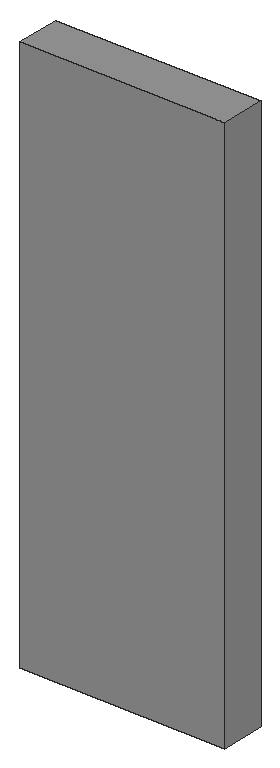
Revit family "CP-seconda consegna FIGLIO", category Modèles génériques, Revit 2017
Family settings
  Peut héberger une armature = Non
  Cote de connecteur circulaire = Utiliser le diamètre
  Type d'élément = Normal
  Couper avec des vides une fois chargée = Non
  Partagée = Non
  Point de calcul de pièce = Non
Parameters
  h = 500 cm
  b = 20 cm
  SEMILARGHEZZA = b / 2  # 10 cm
  SEMIALTEZZA = h / 2  # 250 cm
  Materiale ASTA = CP-Legno seconda consegna
  built-in parameter 1001306 [instance] = 91.44 cm
Reference planes (cm)
  plane 1 "Centre (avant/arrière)": y = 0
  plane 2: z = 0
  plane 3 "Gauche": x = 0
  plane 4 "Droite": x = 91.44
  plane 5: y = 10
  plane 6: y = -10
  plane 7: z = 250
  plane 8: z = -250
Forms (cm)
  Extrusion 1, solid, material "CP-Legno seconda consegna" <- "Materiale ASTA"
    sketch origin (0, 0, 89) x (0, 1, 0) y (0, 0, 1)
      loop
        line (10, 161) -> (-10, 161) -> (-10, -89) -> (10, -89) -> (10, 161)
    from 0 to 91.44
Lines and regions (cm)
  reference lines
    curve 1: line (0, 0, 0) -> (91.44, 0, 0)
Dimensions and locks (cm)
  "built-in parameter 1001306": plane 3 "Gauche" to plane 4 "Droite"
  "SEMILARGHEZZA": plane 5 to plane 1 "Centre (avant/arrière)"
  "SEMILARGHEZZA": plane 1 "Centre (avant/arrière)" to plane 6
  "SEMIALTEZZA": plane 2 to plane 8
  "SEMIALTEZZA": plane 7 to plane 2
  aligned and locked: plane 4 "Droite" to curve 1
  aligned and locked: plane 1 "Centre (avant/arrière)" to curve 1
  aligned and locked: plane 3 "Gauche" to curve 1
  aligned and locked: level to plane 2
  aligned and locked: plane 4 "Droite" to Extrusion 1
  aligned and locked: Extrusion 1 to plane 5
  aligned and locked: Extrusion 1 to plane 6
  aligned and locked: plane 7 to Extrusion 1
  aligned and locked: Extrusion 1 to level
Automatic sketch dimensions
  Extrusion 1 sketch curve to plane 6 = 0 cm
  plane 5 to Extrusion 1 sketch curve = 0 cm
  plane 8 to Extrusion 1 sketch curve = 250 cm
  plane 7 to Extrusion 1 sketch curve = 0 cm
